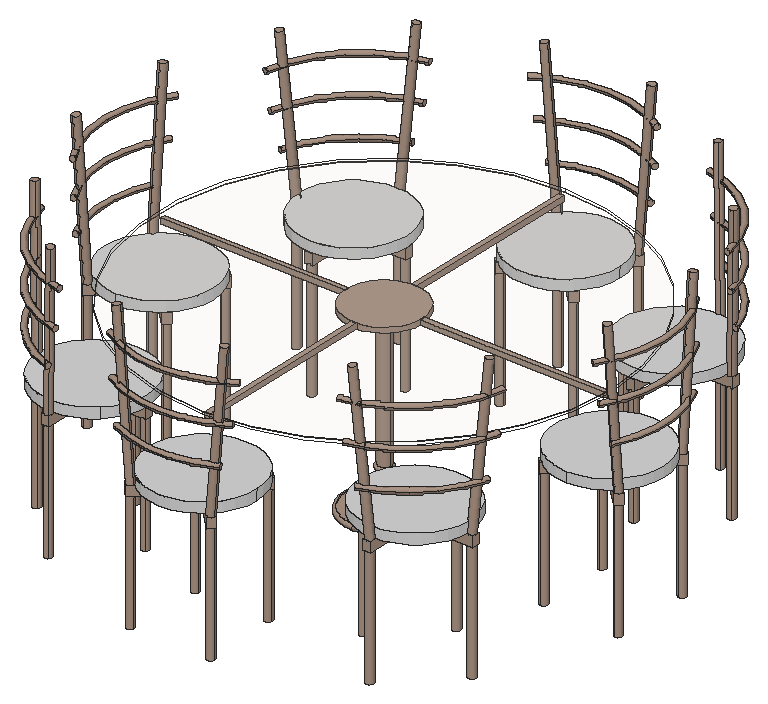
Revit family
Reference planes
  plane 1 "Center (Front/Back)": y = 0
  plane 2: z = 0
  plane 3 "Center (Left/Right)": x = 0
  plane 4: x = -900
  plane 5: x = 900
Dimensions and locks
  aligned and locked: plane 3 "Center (Left/Right)" to nested 2
  aligned and locked: nested 1 to nested 2
  aligned and locked: nested 3 to plane 3 "Center (Left/Right)"
  aligned and locked: nested 1 to nested 3
  aligned and locked: plane 4 to nested 1
  aligned and locked: plane 5 to nested 1
Nested families
  nested 1: "M_Furn - Dining Table - Circular" at (0, 0, 0), type "1000 mm dia"
    with Diameter-Glass 1800 mm
  nested 2: "M_Furn - Chair 1" at (0, 900, 0), type "430 mm dia"
  nested 3: "M_Furn - Chair 1" at (0, -900, 0), type "430 mm dia"
  nested 4: "M_Furn - Chair 1" at (-897.635, 7.825, 0) x (0.0038, 1, 0) z (0, 0, 1), type "430 mm dia"
  nested 5: "M_Furn - Chair 1" at (892.167, 2.333, 0) x (0.0044, -1, 0) z (0, 0, 1), type "430 mm dia"
  nested 6: "M_Furn - Chair 1" at (-637.198, 643.435, 0) x (0.7071, 0.7071, 0) z (0, 0, 1), type "430 mm dia"
  nested 7: "M_Furn - Chair 1" at (637.198, 643.435, 0) x (-0.7071, 0.7071, 0) z (0, 0, 1), type "430 mm dia"
  nested 8: "M_Furn - Chair 1" at (-637.198, -643.435, 0) x (0.7071, -0.7071, 0) z (0, 0, 1), type "430 mm dia"
  nested 9: "M_Furn - Chair 1" at (637.198, -643.435, 0) x (-0.7071, -0.7071, 0) z (0, 0, 1), type "430 mm dia"
Definition of nested family "M_Furn - Dining Table - Circular"
  Parameters (values of type "1000 mm dia")
    Top Material = Glass-Top
    Base Material = Wood
    Height = 750 mm
    Diameter-Base = 300 mm
    Diameter-Glass = 1000 mm
  Reference planes
    plane 1 "Center (Front/Back)": y = 0
    plane 2: z = 0
    plane 3 "Center (Left/Right)": x = 0
    plane 4: x = -500
    plane 5: x = 500
    plane 6: y = 500
    plane 7: y = -500
    plane 8: z = 750
    plane 9: y = 150
    plane 10: y = -150
    plane 11: x = -150
    plane 12: x = 150
  Forms (mm)
    Extrusion 1, solid, material "Glass-Top" <- "Top Material"
      sketch origin (0, 0, 750) x (0, 1, 0) y (-1, 0, 0)
        loop
          circle (0, 0) r 500
      from 0 to -12
    Extrusion 2, solid, material "Wood" <- "Base Material"
      sketch origin (0, 0, 750) x (0, 1, 0) y (-1, 0, 0)
        loop
          circle (0, 0) r 150
      from -12 to -32
    Extrusion 3, solid, material "Wood" <- "Base Material"
      sketch origin (0, 0, 0) x (1, 0, 0) y (0, 1, 0)
        loop
          circle (0, 0) r 150
      from 0 to 20
    Extrusion 4, solid, material "Wood" <- "Base Material"
      sketch origin (0, 0, 0) x (1, 0, 0) y (0, 1, 0)
        loop
          circle (0, 0) r 24.87
      from 20 to 718
    Sweep 5, solid, material "Wood" <- "Base Material"
      path in 3D
        loop
          arc (0, 150, 20) -> (150, 0, 20) -> (0, -150, 20) r 150
          arc (0, -150, 20) -> (-150, 0, 20) -> (0, 150, 20) r 150
      profile origin (0, 0, 0) x (-1, 0, 0) y (0, 0, 1)
        loop
          line (150, 20) -> (150, 0)
          arc (150, 0) -> (160, 10) -> (150, 20) r 10
    Sweep 6, solid, material "Wood" <- "Base Material"
      path in 3D
        loop
          arc (24.87, 0, 718) -> (0, -24.87, 718) -> (-24.87, 0, 718) r 24.87
          arc (-24.87, 0, 718) -> (0, 24.87, 718) -> (24.87, 0, 718) r 24.87
      profile origin (0, 0, 0) x (0, 1, 0) y (0, 0, 1)
        loop
          line (24.87, 718) -> (24.87, 702.551)
          arc (24.87, 702.551) -> (32.594, 710.275) -> (24.87, 718) r 7.725
    Sweep 7, solid, material "Wood" <- "Base Material"
      path in 3D
        loop
          arc (24.87, 0, 718) -> (0, -24.87, 718) -> (-24.87, 0, 718) r 24.87
          arc (-24.87, 0, 718) -> (0, 24.87, 718) -> (24.87, 0, 718) r 24.87
      profile origin (0, 0, 0) x (0, 1, 0) y (0, 0, 1)
        loop
          arc (24.87, 20) -> (32.582, 27.713) -> (24.87, 35.425) r 7.713
          line (24.87, 35.425) -> (24.87, 20)
    Sweep 8, solid, material "Wood" <- "Base Material"
      path in 3D
        loop
          arc (-24.87, 0, 305.149) -> (0, 24.87, 305.149) -> (24.87, 0, 305.149) r 24.87
          arc (24.87, 0, 305.149) -> (0, -24.87, 305.149) -> (-24.87, 0, 305.149) r 24.87
      profile origin (0, 0, 0) x (0, -1, 0) y (0, 0, 1)
        loop
          line (24.859, 169.99) -> (24.859, 155)
          arc (24.859, 155) -> (32.354, 162.495) -> (24.859, 169.99) r 7.495
    Sweep 9, solid, material "Wood" <- "Base Material"
      path in 3D
        loop
          arc (-24.87, 0, 237.866) -> (0, 24.87, 237.866) -> (24.87, 0, 237.866) r 24.87
          arc (24.87, 0, 237.866) -> (0, -24.87, 237.866) -> (-24.87, 0, 237.866) r 24.87
      profile origin (0, 0, 0) x (0, -1, 0) y (0, 0, 1)
        loop
          line (24.859, 102.707) -> (24.859, 87.718)
          arc (24.859, 87.718) -> (32.354, 95.213) -> (24.859, 102.707) r 7.495
    Extrusion 10, solid, material "Wood" <- "Base Material"
      sketch origin (0, 0, 750) x (0, 1, 0) y (-1, 0, 0)
        loop
          line (478.939, 10) -> (149.687, 10)
          arc (149.687, 10) -> (150.014, 0) -> (149.687, -10) r 153.253
          line (149.687, -10) -> (478.939, -10)
          arc (478.939, -10) -> (480, 0) -> (478.939, 10) r 47.662
      from -12 to -32
    Extrusion 11, solid, material "Wood" <- "Base Material"
      sketch origin (0, 0, 750) x (0, -1, 0) y (1, 0, 0)
        loop
          arc (478.939, -10) -> (480, 0) -> (478.939, 10) r 47.662
          line (478.939, 10) -> (149.687, 10)
          arc (149.687, 10) -> (150.014, 0) -> (149.687, -10) r 153.253
          line (149.687, -10) -> (478.939, -10)
      from -12 to -32
    Extrusion 12, solid, material "Wood" <- "Base Material"
      sketch origin (0, 0, 750) x (0, 1, 0) y (-1, 0, 0)
        loop
          line (10, -479.456) -> (10, -148.524)
          arc (10, -148.524) -> (0, -148.943) -> (-10, -148.524) r 119.448
          line (-10, -148.524) -> (-10, -479.456)
          arc (-10, -479.456) -> (0, -480.308) -> (10, -479.456) r 59.12
      from -12 to -32
    Extrusion 13, solid, material "Wood" <- "Base Material"
      sketch origin (0, 0, 750) x (0, 1, 0) y (-1, 0, 0)
        loop
          arc (10, 479.456) -> (0, 480.308) -> (-10, 479.456) r 59.12
          line (-10, 479.456) -> (-10, 149.703)
          arc (-10, 149.703) -> (0, 150.123) -> (10, 149.703) r 119.448
          line (10, 149.703) -> (10, 479.456)
      from -12 to -32
  Lines and regions (mm)
    sketch lines
      curve 1: arc (0, -150, 20) -> (-150, 0, 20) -> (0, 150, 20) r 150
      curve 2: arc (0, 150, 20) -> (150, 0, 20) -> (0, -150, 20) r 150
      curve 3: arc (-24.87, 0, 718) -> (0, 24.87, 718) -> (24.87, 0, 718) r 24.87
      curve 4: arc (24.87, 0, 718) -> (0, -24.87, 718) -> (-24.87, 0, 718) r 24.87
      curve 5: arc (-24.87, 0, 718) -> (0, 24.87, 718) -> (24.87, 0, 718) r 24.87
      curve 6: arc (24.87, 0, 718) -> (0, -24.87, 718) -> (-24.87, 0, 718) r 24.87
      curve 7: arc (24.87, 0, 305.149) -> (0, -24.87, 305.149) -> (-24.87, 0, 305.149) r 24.87
      curve 8: arc (-24.87, 0, 305.149) -> (0, 24.87, 305.149) -> (24.87, 0, 305.149) r 24.87
      curve 9: arc (24.87, 0, 237.866) -> (0, -24.87, 237.866) -> (-24.87, 0, 237.866) r 24.87
      curve 10: arc (-24.87, 0, 237.866) -> (0, 24.87, 237.866) -> (24.87, 0, 237.866) r 24.87
    symbolic lines
      curve 11: arc (0, 500, 0) -> (-500, 0, 0) -> (0, -500, 0) r 500
      curve 12: arc (0, 500, 0) -> (-500, 0, 0) -> (0, -500, 0) r 500
      curve 13: arc (0, -500, 0) -> (500, 0, 0) -> (0, 500, 0) r 500
      curve 14: arc (0, 150, 0) -> (-150, 0, 0) -> (0, -150, 0) r 150
      curve 15: arc (0, -150, 0) -> (150, 0, 0) -> (0, 150, 0) r 150
  Dimensions and locks
    equal spacing: plane 4, plane 3 "Center (Left/Right)", plane 5
    "Diameter-Glass": plane 4 to plane 5
    equal spacing: plane 7, plane 1 "Center (Front/Back)", plane 6
    "Diameter-Glass": plane 7 to plane 6
    equal spacing: plane 9, plane 1 "Center (Front/Back)", plane 10
    "Diameter-Base": plane 9 to plane 10
    equal spacing: plane 11, plane 3 "Center (Left/Right)", plane 12
    "Diameter-Base": plane 11 to plane 12
    "Height": plane 8 to level
    aligned and locked: plane 6 to Extrusion 1 sketch curve
    aligned and locked: plane 7 to Extrusion 1 sketch curve
    aligned and locked: plane 3 "Center (Left/Right)" to Extrusion 2 sketch curve
    aligned and locked: plane 10 to Extrusion 2 sketch curve
    aligned and locked: Extrusion 3 sketch curve to Extrusion 2
    aligned and locked: Extrusion 2 to Extrusion 1
    aligned and locked: Extrusion 4 to Extrusion 2
    aligned and locked: Extrusion 4 to Extrusion 3
    aligned and locked: Extrusion 3 to level
    aligned and locked: profile plane to Sweep 5 sketch curve
    aligned and locked: Extrusion 2 to Sweep 6 sketch curve
    aligned and locked: profile plane to Sweep 6 sketch curve
    aligned and locked: Sweep 7 sketch curve to Extrusion 4
    aligned and locked: Extrusion 10 sketch curve to Extrusion 10 sketch curve
    aligned and locked: Extrusion 11 sketch curve to Extrusion 11 sketch curve
    aligned and locked: Extrusion 13 to Extrusion 1
    aligned and locked: Extrusion 12 to Extrusion 1
    aligned and locked: Extrusion 12 to Extrusion 2
    aligned and locked: Extrusion 2 to Extrusion 13
    aligned and locked: Extrusion 10 to Extrusion 2
    aligned and locked: Extrusion 10 to Extrusion 1
    aligned and locked: Extrusion 2 to Extrusion 11
    aligned and locked: Extrusion 11 to Extrusion 1
    aligned and locked: curve 11 to Extrusion 1
  Automatic sketch dimensions
    Extrusion 1 sketch curve to plane 3 "Center (Left/Right)" = 0 mm
    Extrusion 2 sketch curve to plane 1 "Center (Front/Back)" = 0 mm
    Extrusion 4 sketch curve to plane 1 "Center (Front/Back)" = 0 mm
    Extrusion 4 sketch curve to plane 3 "Center (Left/Right)" = 0 mm
    Sweep 5 sketch curve to Sweep 5 sketch curve = 10 mm
    Sweep 6 sketch curve to Sweep 6 sketch curve = 7.725 mm
    Sweep 7 sketch curve to profile plane = 0 mm
    Sweep 7 sketch curve to Sweep 7 sketch curve = 7.713 mm
    profile plane to Sweep 8 sketch curve = 0.01 mm
    Sweep 8 sketch curve to Sweep 8 sketch curve = 7.495 mm
    profile plane to Sweep 9 sketch curve = 0.01 mm
    Sweep 9 sketch curve to Sweep 9 sketch curve = 7.495 mm
    Extrusion 10 sketch curve to plane 3 "Center (Left/Right)" = 0 mm
    plane 1 "Center (Front/Back)" to Extrusion 10 sketch curve = 3.239 mm
    Extrusion 10 sketch curve to plane 9 = 0.313 mm
    plane 6 to Extrusion 10 sketch curve = 21.061 mm
    plane 3 "Center (Left/Right)" to Extrusion 10 sketch curve = 10 mm
    Extrusion 10 sketch curve to Extrusion 10 sketch curve = 0 mm
    Extrusion 10 sketch curve to Extrusion 10 sketch curve = 46.602 mm
    Extrusion 11 sketch curve to plane 3 "Center (Left/Right)" = 0 mm  (x2)
    Extrusion 11 sketch curve to plane 1 "Center (Front/Back)" = 3.239 mm
    plane 10 to Extrusion 11 sketch curve = 0.313 mm
    Extrusion 11 sketch curve to plane 7 = 67.662 mm
    Extrusion 11 sketch curve to plane 3 "Center (Left/Right)" = 10 mm
    Extrusion 11 sketch curve to plane 7 = 21.061 mm
    Extrusion 12 sketch curve to plane 1 "Center (Front/Back)" = 0 mm  (x2)
    Extrusion 12 sketch curve to plane 12 = 1.476 mm
    plane 1 "Center (Front/Back)" to Extrusion 12 sketch curve = 10 mm
    Extrusion 12 sketch curve to plane 1 "Center (Front/Back)" = 10 mm
    Extrusion 12 sketch curve to plane 5 = 78.811 mm
    Extrusion 12 sketch curve to plane 5 = 20.544 mm
    plane 3 "Center (Left/Right)" to Extrusion 12 sketch curve = 29.495 mm
    Extrusion 13 sketch curve to plane 1 "Center (Front/Back)" = 0 mm  (x2)
    plane 11 to Extrusion 13 sketch curve = 0.297 mm
    plane 1 "Center (Front/Back)" to Extrusion 13 sketch curve = 10 mm
    Extrusion 13 sketch curve to plane 1 "Center (Front/Back)" = 10 mm
    Extrusion 13 sketch curve to plane 3 "Center (Left/Right)" = 30.675 mm
    plane 4 to Extrusion 13 sketch curve = 78.811 mm
    plane 4 to Extrusion 13 sketch curve = 20.544 mm
    curve 14 to plane 3 "Center (Left/Right)" = 0 mm
    curve 15 to plane 1 "Center (Front/Back)" = 0 mm
    curve 15 to plane 10 = 0 mm
    curve 12 to plane 1 "Center (Front/Back)" = 0 mm
    curve 12 to plane 3 "Center (Left/Right)" = 0 mm
    curve 12 to plane 7 = 0 mm
    radius of Extrusion 4 sketch curve = 24.87 mm
Definition of nested family "M_Furn - Chair 1"
  Parameters (values of type "430 mm dia")
    Chair Material = Teak
    Upholstry Material = Cushion
  Reference planes
    plane 1 "Center (Front/Back)": y = 0
    plane 2: z = 0
    plane 3 "Center (Left/Right)": x = 0
    plane 4: y = 158.862
  Forms (mm)
    Extrusion 1, solid, material "Cushion" <- "Upholstry Material"
      sketch origin (0, 0.01, 0) x (1, 0, 0) y (0, 1, 0)
        loop
          circle (0, 0) r 215
      from 509.714 to 549.714
    Extrusion 2, solid, material "Teak" <- "Chair Material"
      sketch origin (0, 0.01, 0) x (1, 0, 0) y (0, 1, 0)
        loop
          line (-166.17, -144.957) -> (-144.957, -166.17) -> (0, -21.213) -> (144.957, -166.17) -> (166.17, -144.957) -> (21.213, 0) -> (180.312, 159.099) -> (159.099, 180.312) -> (0, 21.213) -> (-159.099, 180.312) -> (-180.312, 159.099) -> (-21.213, 0) -> (-166.17, -144.957)
      from 509.714 to 469.714
    Extrusion 3, solid, material "Teak" <- "Chair Material"
      sketch origin (0, 0.01, 0) x (1, 0, 0) y (0, 1, 0)
        loop
          circle (-159.293, 158.906) r 15
        loop
          circle (-145.152, -144.765) r 15
        loop
          circle (145.152, -144.765) r 15
        loop
          circle (159.293, 158.906) r 15
      from 0 to 469.714
    Sweep 4, solid, material "Teak" <- "Chair Material"
      path origin (0, -41.153, 0) x (1, 0, 0) y (0, 1, 0)
        loop
          arc (-232.176, 136.96) -> (-2.745, 209.3) -> (226.686, 136.96) r 400
      profile origin (-2.745, 0, 0) x (0, 1, 0) y (0, 0, 1)
        loop
          circle (215.189, 1000) r 10
    Sweep 5, solid, material "Teak" <- "Chair Material"
      path origin (0, -41.153, -150) x (1, 0, 0) y (0, 1, 0)
        loop
          arc (-217.665, 146.656) -> (-2.745, 209.3) -> (212.175, 146.656) r 400
      profile origin (-2.745, 0, 0) x (0, 1, 0) y (0, 0, 1)
        loop
          circle (215.189, 850) r 10
    Sweep 6, solid, material "Teak" <- "Chair Material"
      path origin (0, -41.153, -300) x (1, 0, 0) y (0, 1, 0)
        loop
          arc (-187.444, 164.104) -> (-2.745, 209.3) -> (181.955, 164.104) r 400
      profile origin (-2.745, 0, 0) x (0, 1, 0) y (0, 0, 1)
        loop
          circle (215.189, 700) r 10
    Sweep 7, solid, material "Teak" <- "Chair Material"
      path origin (49.733, 158.862, 1.048) x (1, 0, 0) y (0, 0, 1)
        loop
          line (109.745, 508.667) -> (163.781, 1126.307)
      profile origin (72.485, 0, 828.509) x (-0.996195, 0, 0.087156) y (0, -1, 0)
        loop
          circle (-114.447, -158.862) r 15
    Sweep 8, solid, material "Teak" <- "Chair Material"
      path origin (-49.733, 158.862, 1.048) x (-1, 0, 0) y (0, 0, -1)
        loop
          line (109.745, -508.667) -> (163.781, -1126.307)
      profile origin (-72.485, 0, 828.509) x (0.996195, 0, 0.087156) y (0, 1, 0)
        loop
          circle (-114.447, 158.862) r 15
  Lines and regions (mm)
    symbolic lines
      curve 1: arc (-264.894, 142.534, 0) -> (-2.745, 225.189, 0) -> (259.404, 142.534, 0) r 457.043
      curve 2: arc (247.933, 126.151, 0) -> (-2.745, 205.189, 0) -> (-253.423, 126.151, 0) r 437.043
      curve 3: line (-264.894, 142.534, 0) -> (-253.423, 126.151, 0)
      curve 4: line (259.404, 142.534, 0) -> (247.933, 126.151, 0)
      curve 5: arc (215, 0.01, 0) -> (0, 215.01, 0) -> (-215, 0.01, 0) r 215
      curve 6: arc (-215, 0.01, 0) -> (0, -214.99, 0) -> (215, 0.01, 0) r 215
  Dimensions and locks
    radius of Extrusion 1 = 215 mm
    aligned and locked: Extrusion 2 sketch curve to Extrusion 2 sketch curve  (x2)
    aligned and locked: Extrusion 3 to Extrusion 2
    aligned and locked: Extrusion 1 to Extrusion 2
